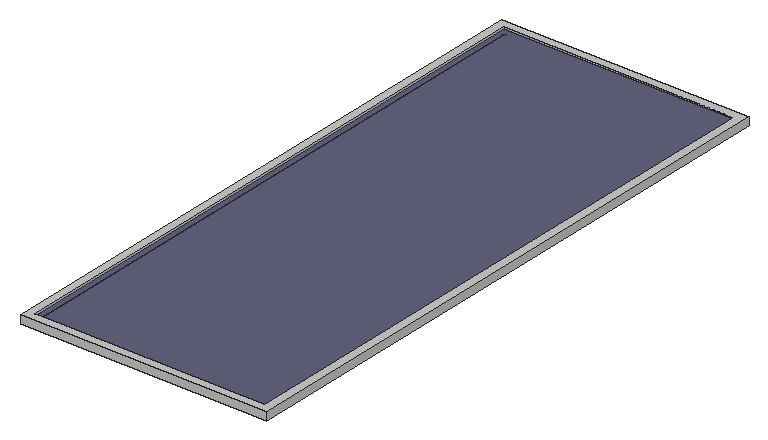
Revit family "rba-bim-B1658 1639", category Plumbing Fixtures, Revit 2018
Family settings
  Round Connector Dimension = Use Diameter
  Part Type = Normal
  Work Plane-Based = Yes
  Always vertical = No
  Cut with Voids When Loaded = No
  Shared = Yes
  Room Calculation Point = No
Parameters (values of type "B1658 1639")
  URL = ""
  Phone Number = ""
  Modified Issue = "20220210.01"
  Mirror Background = Paint - Bobrick - Black
  Glass Material = Glass Mirror - Bobrick
  Frame Material = Stainless Steel - Bobrick - Satin
  Model = "B1658 1639"
  Manufacturer = "Bobrick"
  Description = "Safety Glass Mirror with Stainless Steel Angle Frame to AS1428.1"
  Default Elevation = 1219.200 mm
  Copyright by = "RBA Group"  # constant formula
  Accessible Compliant = "AS1428.1-2009 Compliant"
Reference planes
  plane 1 "Center (Front/Back)": y = 0
  plane 2: z = 0
  plane 3 "Center (Left/Right)": x = 0
  plane 4: y = 883
  plane 5: x = 203
  plane 6: y = 76
Forms (mm)
  Extrusion 1, solid, material "Paint - Bobrick - Black" <- "Mirror Background"
    sketch origin (-1, 139, 5) x (0, 1, 0) y (-1, 0, 0)
      loop
        line (850, -3) -> (-119.125, -3) -> (-119.125, -405) -> (850, -405) -> (850, -3)
    from 0 to 3
  Sweep 2, solid, material "Stainless Steel - Bobrick - Satin" <- "Frame Material"
    path origin (1, 147, 9) x (0, 1, 0) y (-1, 0, 0)
      loop
        line (850, 1) -> (-141, 1) -> (-141, -405) -> (850, -405) -> (850, 1)
    profile origin (203, 997, 9) x (0, 1, 0) y (0, 0, 1)
      loop
        line (-13, 2) -> (-2, 2) -> (-2, -7) -> (-3, -7) -> (-3, -5) -> (-13.047, -5) -> (-14.047, -4) -> (-21.875, -4) -> (-21.875, -6) -> (-14.875, -6) -> (-13.875, -7) -> (-13.875, -9) -> (0, -9) -> (0, 4) -> (-13, 4) -> (-13, 2)
  Extrusion 3, solid
    sketch origin (-979.292, 273.617, 3) x (0, 1, 0) y (-1, 0, 0)
      loop
        line (638.383, -1037.292) -> (588.383, -1037.292) -> (588.383, -1155.113) -> (-162.617, -1155.113) -> (-162.617, -1037.292) -> (-212.617, -1037.292) -> (-212.617, -1327.292) -> (-162.617, -1327.292) -> (-162.617, -1209.47) -> (588.383, -1209.47) -> (588.383, -1327.292) -> (638.383, -1327.292) -> (638.383, -1037.292)
    from 0 to 2
  Extrusion 4, void
    sketch origin (10, 136.057, -262) x (0, 1, 0) y (-1, 0, 0)
      loop
        circle (-60.057, -78) r 3
    from 265 to 267
  Extrusion 5, void
    sketch origin (240, 136.057, -262) x (0, 1, 0) y (-1, 0, 0)
      loop
        circle (-60.057, -78) r 3
    from 265 to 267
  Extrusion 6, void
    sketch origin (10, 943.307, -262) x (0, 1, 0) y (-1, 0, 0)
      loop
        circle (-60.057, -78) r 3
    from 265 to 267
  Extrusion 7, void
    sketch origin (240, 943.307, -262) x (0, 1, 0) y (-1, 0, 0)
      loop
        circle (-60.057, -78) r 3
    from 265 to 267
  Extrusion 8, void
    sketch origin (11.421, 140, -270) x (0, 1, 0) y (-1, 0, 0)
      loop
        line (772, -66.579) -> (752, -66.579) -> (752, -72.018) -> (758.219, -72.018) -> (758.219, -82.018) -> (752, -82.018) -> (752, -86.579) -> (772, -86.579) -> (772, -66.579)
    from 273 to 275
  Extrusion 9, void
    sketch origin (241.421, 140, -245) x (0, 1, 0) y (-1, 0, 0)
      loop
        line (772, -66.579) -> (752, -66.579) -> (752, -72.018) -> (758.219, -72.018) -> (758.219, -82.018) -> (752, -82.018) -> (752, -86.579) -> (772, -86.579) -> (772, -66.579)
    from 248 to 250
  Extrusion 10, void
    sketch origin (11.421, -661, -276.25) x (0, 1, 0) y (-1, 0, 0)
      loop
        line (772, -66.579) -> (752, -66.579) -> (752, -72.018) -> (758.219, -72.018) -> (758.219, -82.018) -> (752, -82.018) -> (752, -86.579) -> (772, -86.579) -> (772, -66.579)
    from 279.25 to 281.25
  Extrusion 11, void
    sketch origin (241.421, -661, -260.625) x (0, 1, 0) y (-1, 0, 0)
      loop
        line (772, -66.579) -> (752, -66.579) -> (752, -72.018) -> (758.219, -72.018) -> (758.219, -82.018) -> (752, -82.018) -> (752, -86.579) -> (772, -86.579) -> (772, -66.579)
    from 263.625 to 265.625
  Extrusion 12, solid
    sketch origin (115, -820.154, -1) x (0, 1, 0) y (-1, 0, 0)
      loop
        line (887, -93) -> (887, -83) -> (867, -78) -> (867, -98) -> (887, -93)
    from 1 to 4
  Extrusion 13, solid
    sketch origin (0, -776, 0) x (0, 1, 0) y (-1, 0, 0)
      loop
        line (887, -98) -> (887, -78) -> (867, -78) -> (867, -83.438) -> (873.219, -83.438) -> (873.219, -93.438) -> (867, -93.438) -> (867, -98) -> (887, -98)
    from 0 to 5
  Extrusion 14, solid
    sketch origin (230, -776, 0) x (0, 1, 0) y (-1, 0, 0)
      loop
        line (887, -98) -> (887, -78) -> (867, -78) -> (867, -83.438) -> (873.219, -83.438) -> (873.219, -93.438) -> (867, -93.438) -> (867, -98) -> (887, -98)
    from 0 to 5
  Extrusion 15, solid
    sketch origin (230, 25, 0) x (0, 1, 0) y (-1, 0, 0)
      loop
        line (887, -98) -> (887, -78) -> (867, -78) -> (867, -83.438) -> (873.219, -83.438) -> (873.219, -93.438) -> (867, -93.438) -> (867, -98) -> (887, -98)
    from 0 to 5
  Extrusion 16, solid
    sketch origin (0, 25, 0) x (0, 1, 0) y (-1, 0, 0)
      loop
        line (887, -98) -> (887, -78) -> (867, -78) -> (867, -83.438) -> (873.219, -83.438) -> (873.219, -93.438) -> (867, -93.438) -> (867, -98) -> (887, -98)
    from 0 to 5
  Extrusion 17, void
    sketch origin (198, 66.23, 3) x (0, 1, 0) y (0, 0, 1)
      loop
        line (0.616, -3) -> (0.616, 0) -> (-9.692, 0) -> (0.616, -3)
    from -2.951 to 12.669
  Extrusion 18, void
    sketch origin (78, 912, 5) x (0, 1, 0) y (0, 0, 1)
      loop
        line (-20, -5) -> (-2.739, 0) -> (-20, 0) -> (-20, -5)
    from -2.399 to 20
  Extrusion 19, void
    sketch origin (308, 912, 5) x (0, 1, 0) y (0, 0, 1)
      loop
        line (-20, -5) -> (-2.739, 0) -> (-20, 0) -> (-20, -5)
    from -7.593 to 20
  Extrusion 20, void
    sketch origin (308, 111, 5) x (0, 1, 0) y (0, 0, 1)
      loop
        line (-20, -5) -> (-2.739, 0) -> (-20, 0) -> (-20, -5)
    from -0.17 to 20.214
  Extrusion 21, void
    sketch origin (78, 111, 5) x (0, 1, 0) y (0, 0, 1)
      loop
        line (-20, -5) -> (-2.739, 0) -> (-20, 0) -> (-20, -5)
    from -0.17 to 20.214
  Extrusion 22, solid, material "Glass Mirror - Bobrick" <- "Glass Material"
    sketch origin (0, 140, -245) x (0, 1, 0) y (-1, 0, 0)
      loop
        line (-120.125, -2) -> (-120.125, -404) -> (849, -404) -> (849, -2) -> (-120.125, -2)
    from 254 to 253
Cuts and joins
  Extrusion 4, Extrusion 5, Extrusion 6, Extrusion 7, Extrusion 8, Extrusion 9, Extrusion 10, Extrusion 11 cuts Extrusion 3
  Extrusion 21 cuts Extrusion 13
  Extrusion 19 cuts Extrusion 15
  Extrusion 18 cuts Extrusion 16
  Extrusion 17 cuts Extrusion 12
  Extrusion 20 cuts Extrusion 14
Dimensions and locks
  Sweep 2 to Sweep 2 = 406.000 mm
  Sweep 2 to Sweep 2 = 991.000 mm
  Sweep 2 sketch curve to Sweep 2 sketch curve = 13.000 mm  (x2)
  Sweep 2 sketch curve to Extrusion 1 = 983.000 mm
  Sweep 2 sketch curve to Sweep 2 sketch curve = 991.000 mm
  Extrusion 1 to Sweep 2 sketch curve = 2.000 mm
  Extrusion 3 to Extrusion 4 sketch curve = 30.000 mm
  Sweep 2 to plane 4 = 114.000 mm
  plane 1 "Center (Front/Back)" to plane 6 = 76.000 mm
  Extrusion 12 sketch curve to plane 5 to Extrusion 12 sketch curve = 5.000 mm, 5.000 mm
  cut or joined group 1 (Extrusion 3, Extrusion 4, Extrusion 5, Extrusion 6, Extrusion 7, Extrusion 8, Extrusion 9, Extrusion 10, Extrusion 11) to plane 5 to cut or joined group 1 = 145.000 mm, 145.000 mm
  plane 3 "Center (Left/Right)" to plane 5 to Sweep 2 = 203.000 mm, 203.000 mm
  plane 3 "Center (Left/Right)" to Extrusion 22 = 404.000 mm
Nested families
  nested 1: "FamilyID" at (0, 0, 0), type "FamilyID"
Definition of nested family "FamilyID"
  Reference planes
    plane 1: y = 0
    plane 2: x = 0
  Text (mm)
    text "RBA Group Copyright" at (0, 0, 0)
